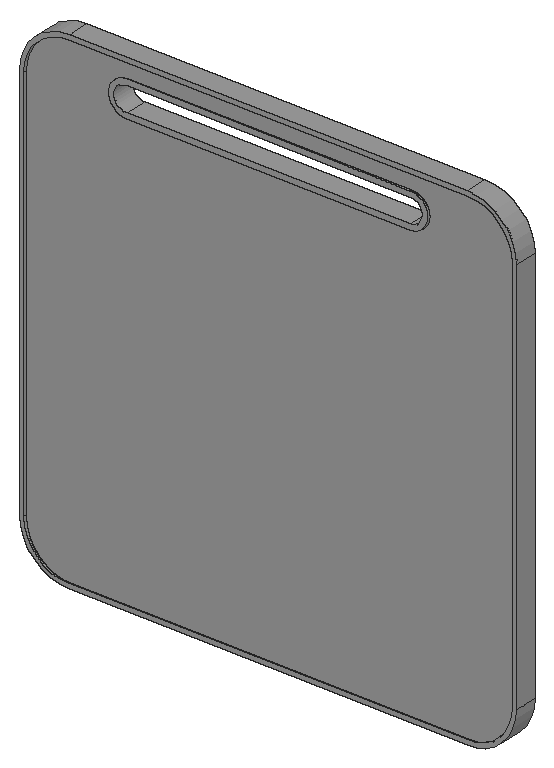
Revit family "92008", category Generic Models, Revit 2017
Family settings
  Can host rebar = No
  Round Connector Dimension = Use Diameter
  Part Type = Normal
  Work Plane-Based = No
  Always vertical = Yes
  Cut with Voids When Loaded = No
  Shared = No
  Room Calculation Point = No
Parameters
  w = 805 mm
  Rubber Frame = Default
  Enamelled Steel = Default
Reference planes
  plane 1 "Center (Front/Back)": y = 0
  plane 2: z = 0
  plane 3 "Center (Left/Right)": x = 0
  plane 4: z = 805
  plane 5: x = -402.5
  plane 6: x = 402.5
  plane 7: z = 798
  plane 8: x = -395.5
  plane 9: x = 395.5
  plane 10: z = 7
  plane 11: z = 725
  plane 12: x = -313
  plane 13: x = 322.5
  plane 14: z = 80
  plane 15: y = 36.4
  plane 16: y = 33.2
  plane 17: y = 3.2
  plane 18: x = -370
  plane 19: z = 402.5
  plane 20: z = 661
  plane 21: z = 144
  plane 22: z = 632.5
  plane 23: z = 172.5
Forms (mm)
  Extrusion 1, solid, material "Default" <- "Rubber Frame"
    sketch origin (-402.5, 0, 402.5) x (0, 0, -1) y (1, 0, 0)
      loop
        arc (-322.5, 805) -> (-379.069, 781.569) -> (-402.5, 725) r 80
        line (-402.5, 725) -> (-402.5, 80)
        arc (-402.5, 80) -> (-379.069, 23.431) -> (-322.5, 0) r 80
        line (-322.5, 0) -> (322.5, 0)
        arc (322.5, 0) -> (379.069, 23.431) -> (402.5, 80) r 80
        line (402.5, 80) -> (402.5, 725)
        arc (402.5, 725) -> (379.069, 781.569) -> (322.5, 805) r 80
        line (322.5, 805) -> (-322.5, 805)
      loop
        line (322.5, 798) -> (-322.5, 798)
        arc (-322.5, 798) -> (-374.119, 776.619) -> (-395.5, 725) r 73
        line (-395.5, 725) -> (-395.5, 80)
        arc (-395.5, 80) -> (-374.119, 28.381) -> (-322.5, 7) r 73
        line (-322.5, 7) -> (322.5, 7)
        arc (322.5, 7) -> (374.119, 28.381) -> (395.5, 80) r 73
        line (395.5, 80) -> (395.5, 725)
        arc (395.5, 725) -> (374.119, 776.619) -> (322.5, 798) r 73
    from -36.4 to 0
  Extrusion 2, solid, material "Default" <- "Enamelled Steel"
    sketch origin (-402.5, 0, 402.5) x (0, 0, -1) y (1, 0, 0)
      loop
        line (-395.5, 725) -> (-395.5, 80)
        arc (-395.5, 80) -> (-374.119, 28.381) -> (-322.5, 7) r 73
        line (-322.5, 7) -> (322.5, 7)
        arc (322.5, 7) -> (374.119, 28.381) -> (395.5, 80) r 73
        line (395.5, 80) -> (395.5, 725)
        arc (395.5, 725) -> (374.119, 776.619) -> (322.5, 798) r 73
        line (322.5, 798) -> (-322.5, 798)
        arc (-322.5, 798) -> (-374.119, 776.619) -> (-395.5, 725) r 73
      loop
        line (-370, 632.5) -> (-370, 172.5)
        arc (-370, 172.5) -> (-341.5, 144) -> (-313, 172.5) r 28.5
        line (-313, 172.5) -> (-313, 632.5)
        arc (-313, 632.5) -> (-341.5, 661) -> (-370, 632.5) r 28.5
    from -33.2 to -3.2
  Extrusion 3, solid, material "Default" <- "Rubber Frame"
    sketch origin (-402.5, 0, 402.5) x (0, 0, -1) y (1, 0, 0)
      loop
        line (-370, 632.5) -> (-370, 172.5)
        arc (-370, 172.5) -> (-341.5, 144) -> (-313, 172.5) r 28.5
        line (-313, 172.5) -> (-313, 632.5)
        arc (-313, 632.5) -> (-341.5, 661) -> (-370, 632.5) r 28.5
      loop
        arc (-321.5, 632.5) -> (-341.5, 652.5) -> (-361.5, 632.5) r 20
        line (-361.5, 632.5) -> (-361.5, 172.5)
        arc (-361.5, 172.5) -> (-341.5, 152.5) -> (-321.5, 172.5) r 20
        line (-321.5, 172.5) -> (-321.5, 632.5)
    from -36.4 to 0
Dimensions and locks
  aligned and locked: level to plane 2
